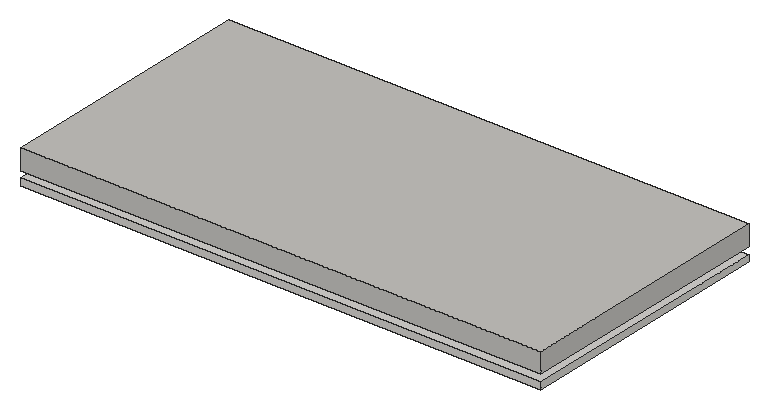
Revit family "CVC_Socle-CTA-5", category Equipement de génie climatique, Revit 2026
Family settings
  Cote de connecteur circulaire = Utiliser le diamètre
  Type d'élément = Normal
  Basée sur le plan de construction = Non
  Toujours verticalement = Oui
  Couper avec des vides une fois chargée = Non
  Conserver l'orientation des annotations = Non
  Partagée = Non
  Repère de localisation dans la pièce = Non
Parameters (values of type "Socle CTA 5 3800 x 1900")
  Source = "CCTP lot 12 § 3.14.1 (socles et supports), § 1.8.2 (socles à la charge du GO), § 1.9.2 (équipements en toiture), § 3.9.1 (CTA sur socle)"
  Modèle = "Massif béton sur plots anti-vibratiles"
  Fabricant = "Massif : lot Gros œuvre ; résilients : lot CVC"
  Elévation par défaut = 0 mm
  Description = "Socle de CTA en toiture : pré-socle 5 cm + plots anti-vibratiles + massif béton 15 cm (hauteur totale 25 cm)"
  Caractéristiques CCTP = "1 massif distinct par appareil, matériel scellé sur son socle ; plots anti-vibratiles disposés symétriquement à la périphérie (ou matelas résilient) sur un pré-socle d’environ 5 cm de mêmes dimensions ; en toiture, hauteur au-dessus de l’étanchéité limitée à 0,40 m ; relevés béton et d’étanchéité par les lots GO / couverture, couvertine galva 15/10 et surtoiture par le lot CVC"
  A vérifier = "Masse et dimensions du massif à calculer avec le poids de la CTA (fiche VIM) ; nombre et type de plots à dimensionner (note de calcul des supports anti-vibratiles)"
Reference planes
  plane 1 "Centre (avant/arrière)": y = 0
  plane 2: z = 0
  plane 3 "Centre (gauche/droite)": x = 0
Forms (mm)
  Extrusion 1, solid, material "EHPAD_beton_clair"
    sketch origin (0, 0, 0) x (1, 0, 0) y (0, 1, 0)
      loop
        line (-1900, -950) -> (1900, -950) -> (1900, 950) -> (-1900, 950) -> (-1900, -950)
    from 0 to 50
  Extrusion 2, solid, material "EHPAD_noir"
    sketch origin (-1750, -800, 50) x (1, 0, 0) y (0, 1, 0)
      loop
        circle (0, 0) r 60
    from 0 to 50
  Extrusion 3, solid, material "EHPAD_noir"
    sketch origin (-1750, 800, 50) x (1, 0, 0) y (0, 1, 0)
      loop
        circle (0, 0) r 60
    from 0 to 50
  Extrusion 4, solid, material "EHPAD_noir"
    sketch origin (-583.333, -800, 50) x (1, 0, 0) y (0, 1, 0)
      loop
        circle (0, 0) r 60
    from 0 to 50
  Extrusion 5, solid, material "EHPAD_noir"
    sketch origin (-583.333, 800, 50) x (1, 0, 0) y (0, 1, 0)
      loop
        circle (0, 0) r 60
    from 0 to 50
  Extrusion 6, solid, material "EHPAD_noir"
    sketch origin (583.333, -800, 50) x (1, 0, 0) y (0, 1, 0)
      loop
        circle (0, 0) r 60
    from 0 to 50
  Extrusion 7, solid, material "EHPAD_noir"
    sketch origin (583.333, 800, 50) x (1, 0, 0) y (0, 1, 0)
      loop
        circle (0, 0) r 60
    from 0 to 50
  Extrusion 8, solid, material "EHPAD_noir"
    sketch origin (1750, -800, 50) x (1, 0, 0) y (0, 1, 0)
      loop
        circle (0, 0) r 60
    from 0 to 50
  Extrusion 9, solid, material "EHPAD_noir"
    sketch origin (1750, 800, 50) x (1, 0, 0) y (0, 1, 0)
      loop
        circle (0, 0) r 60
    from 0 to 50
  Extrusion 10, solid, material "EHPAD_beton"
    sketch origin (0, 0, 100) x (1, 0, 0) y (0, 1, 0)
      loop
        line (-1900, -950) -> (1900, -950) -> (1900, 950) -> (-1900, 950) -> (-1900, -950)
    from 0 to 150
Dimensions and locks
  aligned and locked: level to plane 2
